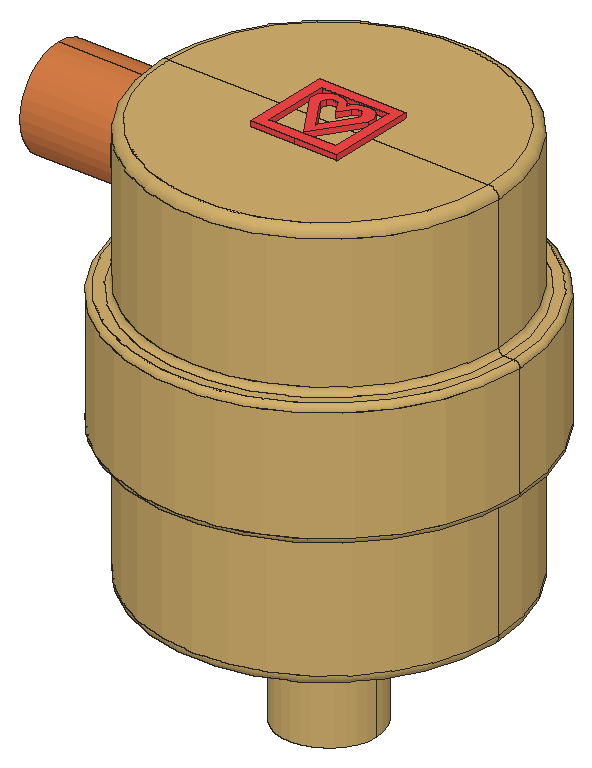
Revit family "Air Release Valve WE 2630 10", category Rohrzubehör, Revit 2018
Family settings
  Bemaßung runder Anschluss = Durchmesser verwenden
  Teiletyp = Normal
  OmniClass-Nummer = 23.65.55.14
  OmniClass-Titel = Valves for Liquid Services
  Arbeitsebenenbasiert = Nein
  Immer vertikal = Ja
  Beim Laden mit Abzugskörper schneiden = Nein
  Gemeinsam genutzt = Nein
Parameters
  Part number [instance] = if(Nennweite = 10.000 mm, 1263010, 0)  # 1263010
  Float ball = "polypropylene"  # constant formula
  SCRNSEQ = "AWI;AWI_TYP=\"1013\";1"
  SCRNCODE = "05;14;01"  # constant formula
  S03 = 24.500 mm  # constant formula
  S02 = 11.000 mm  # constant formula
  S01 = 56.000 mm  # constant formula
  min. Operating temperature = 0 °C  # constant formula
  max. Structual pressure = 1000000.0 Pa  # constant formula
  max. Operating temperature = 110 °C  # constant formula
  URL = "www.herzvalves.com"
  R02 = 0.600 mm  # constant formula
  R01 = 1.000 mm  # constant formula
  Nennweite [instance] = 10.000 mm  # constant formula
  Medium = "heating water quality according to ÖNORM H5195 or VDI-Standard 2035.\r\nthe use of ethylene or propylene glycol in a mixing ratio 25-50% is allowed.\r\nplease refer to manufacturers documentation when using ethylene glycol products for frost and corrosion protection.\r\nthe HERZ air vent is not suitable for usage of aggressive medium (such as: acids, alkalis, combustible and explosive gases..) because it can damage the sealing components."
  max. Operating pressure = 1000000.0 Pa  # constant formula
  L04 = L02 - L03  # 18.800 mm
  L03 = 9.500 mm  # constant formula
  L02 = 28.300 mm  # constant formula
  L01 = 4.000 mm  # constant formula
  Hersteller = "Herz-Armaturen GmbH"  # constant formula
  H08 = H00 - 1.000 mm  # 55.000 mm
  H07 = H00 - 7.500 mm  # 48.500 mm
  H06 = 2.500 mm  # constant formula
  H05 = 9.000 mm  # constant formula
  H04 = 14.500 mm  # constant formula
  H03 = 15.500 mm  # constant formula
  H02 = 13.000 mm  # constant formula
  H01 = 9.500 mm  # constant formula
  H00 = 56.000 mm  # constant formula
  Housing = "forged brass acc. to EN 12165, CW617N"  # constant formula
  G1 [instance] = Nennweite / 2  # 5.000 mm
  Sealing = "EPDM"  # constant formula
  Lid = "forged brass acc. to EN 12165, CW617N"  # constant formula
  D06 = 3.400 mm  # constant formula
  D05 = 5.100 mm  # constant formula
  D04 = 12.500 mm  # constant formula
  D03 = 11.000 mm  # constant formula
  D02 = 20.000 mm  # constant formula
  D01 = 17.800 mm  # constant formula
  External threaded connectors = "acc. to ISO 228"  # constant formula
  Field of application = "HERZ - Air vent is used for venting of the central heating installations.\r\nthe air vent should be placed nearby the boiler or at the highest points of installation.\r\ninstallations must be carried out in such a way that the retention of air bubbles in a certain part of installation is not possible.\r\nbefore usage, unscrew the polypropylene cover cap on the lid for 2 to 3 turns.\r\nin case of uncontrolled medium leakage, tighten the cover cap.\r\nthe air vent must be cleaned or replaced.\r\nwe always recommend to use backflow preventer for easy service and replacement of the air vent.\r\nthe air vents 1 2630 1X have a STOP function that prevents the entry of ambient air into the central heating installation."
  Cover cap = "ABS plastic, red colour"  # constant formula
Reference planes
  plane 1 "Mitte (Vorne/hinten)": y = 0
  plane 2: z = 0
  plane 3 "Mitte (Links/rechts)": x = 0
Forms (mm)
  Revolve 1, solid, material "Messing", detail levels fine
    sketch origin (0, 0, 0) x (1, 0, 0) y (0, 0, 1)
      loop
        line (0, 56) -> (-16.8, 56)
        arc (-16.8, 56) -> (-17.507, 55.707) -> (-17.8, 55) r 1
        line (-17.8, 55) -> (-17.8, 41.1)
        arc (-17.8, 41.1) -> (-17.976, 40.676) -> (-18.4, 40.5) r 0.6
        line (-18.4, 40.5) -> (-19.4, 40.5)
        arc (-19.4, 40.5) -> (-19.824, 40.324) -> (-20, 39.9) r 0.6
        line (-20, 39.9) -> (-20, 28.1)
        arc (-20, 28.1) -> (-19.824, 27.676) -> (-19.4, 27.5) r 0.6
        line (-19.4, 27.5) -> (-18.4, 27.5)
        arc (-18.4, 27.5) -> (-17.976, 27.324) -> (-17.8, 26.9) r 0.6
        line (-17.8, 26.9) -> (-17.8, 14)
        arc (-17.8, 14) -> (-17.507, 13.293) -> (-16.8, 13) r 1
        line (-16.8, 13) -> (-13.8, 13) -> (-9, 9.5) -> (-5, 9.5) -> (-5, 0) -> (0, 0) -> (0, 56)
      axis (0, 56) -> (0, 0)
    angle from 0 to 360
  Revolve 2, solid, material "Messing", detail levels fine
    sketch origin (0, 0, 0) x (1, 0, 0) y (0, 0, 1)
      loop
        line (0, 48.5) -> (0, 51.9) -> (-18.8, 51.9) -> (-18.8, 48.5) -> (0, 48.5)
      axis (-18.8, 48.5) -> (0, 48.5)
    angle from 0 to 360
  Revolve 3, solid, material "Kunststoff-Orange", detail levels fine
    sketch origin (0, 0, 0) x (1, 0, 0) y (0, 0, 1)
      loop
        line (-28.3, 48.5) -> (-18.8, 48.5) -> (-18.8, 53.6) -> (-28.3, 53.6) -> (-28.3, 48.5)
      axis (-28.3, 48.5) -> (-18.8, 48.5)
    angle from 0 to 360
Lines and regions (mm)
  model lines, detail levels coarse+medium
    curve 1: line (0, 0, 56) -> (-12.587, 0, 43.413)
    curve 2: line (0, 0, 56) -> (12.587, 0, 43.413)
    curve 3: circle (0, 0, 31.5) r 11 normal (0, -1, 0)
    curve 4: line (0, 0, 42.5) -> (0, 0, 56)
    curve 5: line (0, 0, 20.5) -> (0, 0, 0)
    curve 6: line (0, 0, 56) -> (0, -12.587, 43.413)
    curve 7: line (0, 0, 56) -> (0, 12.587, 43.413)
    curve 8: circle (0, 0, 31.5) r 11 normal (1, 0, 0)
    curve 9: line (0, 56, 0) -> (-12.587, 43.413, 0)
    curve 10: line (0, 56, 0) -> (12.587, 43.413, 0)
    curve 11: circle (0, 31.5, 0) r 11 normal (0, 0, 1)
    curve 12: line (0, 42.5, 0) -> (0, 56, 0)
    curve 13: line (0, 20.5, 0) -> (0, 0, 0)
Dimensions and locks
  "H02": Revolve 1 sketch curve to Revolve 1 sketch curve
  "H03": Revolve 1 sketch curve to Revolve 1 sketch curve
  "H04": Revolve 1 sketch curve to Revolve 1 sketch curve
  "L01": Revolve 1 sketch curve to Revolve 1 sketch curve  (x2)
  "D01": Revolve 1 sketch curve to Revolve 1 sketch curve  (x2)
  "D02": Revolve 1 sketch curve to Revolve 1 sketch curve
  "H07": Revolve 2 sketch curve to plane 2
  "D06": Revolve 2 sketch curve to Revolve 2 sketch curve
  "L02": plane 3 "Mitte (Links/rechts)" to Revolve 3 sketch curve
  "L03": Revolve 3 sketch curve to Revolve 3 sketch curve
  "D05": Revolve 3 sketch curve to Revolve 3 sketch curve
  "H07": Revolve 3 sketch curve to plane 2
  "L04": plane 3 "Mitte (Links/rechts)" to Revolve 2 sketch curve
  "H08": nested 1 to plane 2
  "G1": Revolve 1 sketch curve to Revolve 1 sketch curve
  "H00": Revolve 1 sketch curve to Revolve 1 sketch curve
  "H01": Revolve 1 sketch curve to Revolve 1 sketch curve
  "S01": curve 2 to plane 2
  "D01": curve 1 to curve 4
  "D01": curve 2 to curve 2
  "S03": curve 4 to curve 3
  "D01": curve 6 to curve 6
  "D01": curve 7 to curve 7
  "S03": curve 7 to curve 8
  "S01": curve 7 to plane 2
  "S01": plane 1 "Mitte (Vorne/hinten)" to curve 12
  "S03": curve 12 to curve 11
  "D01": curve 9 to curve 9
  "D01": curve 10 to curve 10
  "R01": radius of Revolve 1 sketch curve  (x2)
  "R02": radius of Revolve 1 sketch curve  (x4)
  "S02": radius of curve 3
  "S02": radius of curve 8
  "S02": radius of curve 11
  angle curve 1 to curve 4 = 45.00°
  angle curve 4 to curve 2 = 45.00°
  angle curve 6 to plane 1 "Mitte (Vorne/hinten)" = 45.00°
  angle plane 1 "Mitte (Vorne/hinten)" to curve 7 = 45.00°
  angle curve 9 to curve 12 = 45.00°
  angle curve 12 to curve 10 = 45.00°
  aligned and locked: level to plane 2
Automatic sketch dimensions
  curve 7 to plane 1 "Mitte (Vorne/hinten)" = 0.000 mm
  curve 8 to plane 1 "Mitte (Vorne/hinten)" = 0.000 mm
  curve 1 to plane 3 "Mitte (Links/rechts)" = 0.000 mm
  curve 5 to plane 3 "Mitte (Links/rechts)" = 0.000 mm
  curve 3 to plane 3 "Mitte (Links/rechts)" = 0.000 mm
  curve 5 to level = 0.000 mm
  curve 9 to plane 3 "Mitte (Links/rechts)" = 0.000 mm
  curve 13 to plane 3 "Mitte (Links/rechts)" = 0.000 mm
  curve 11 to plane 3 "Mitte (Links/rechts)" = 0.000 mm
  plane 1 "Mitte (Vorne/hinten)" to curve 13 = 0.000 mm
  Revolve 1 sketch curve to level = 0.000 mm
  Revolve 1 sketch curve to plane 3 "Mitte (Links/rechts)" = 0.000 mm
  plane 3 "Mitte (Links/rechts)" to Revolve 1 sketch curve = 0.000 mm
  Revolve 1 sketch curve to Revolve 1 sketch curve = 2000.000 mm
  Revolve 1 sketch curve to Revolve 1 sketch curve = 1932.500 mm
  Revolve 2 sketch curve to plane 3 "Mitte (Links/rechts)" = 0.000 mm  (x2)
  Revolve 2 sketch curve to Revolve 2 sketch curve = 0.000 mm  (x2)
  Revolve 3 sketch curve to Revolve 3 sketch curve = 0.000 mm  (x3)
Nested families
  nested 1: "Herz-Logo" at (0, 0, 55), type "Herz-Logo", detail levels fine
Connectors
  piping at (0, 0, 0), diameter 10, driven by "Nennweite"
    settings: on Revolve 1, index 1, connector inside diameter 609.6 mm, connector length 0.000 mm, flow factor 0, pipe flow 0.0 L/s, pressure drop 0.0 Pa, fitting loss kfactor 0, connector angle 0.00°, fixture units 0, engagement length 0.000 mm, angle of deflection 0.00°, flow configuration 0, flow direction 1, fitting loss method 0, system type 29, joint type 0, gender type 0, connector reference index -1, connector utility 0, adjustable connector no, is connector primary yes, connector description ""
Definition of nested family "Herz-Logo"
  Reference planes
    plane 1 "Mitte (Vorne/hinten)": y = 0
    plane 2: z = 0
    plane 3 "Mitte (Links/rechts)": x = 0
  Forms (mm)
    Extrusion 1, solid
      sketch origin (0, 0, 0) x (1, 0, 0) y (0, 1, 0)
        loop
          line (-0.018, -4.517) -> (4.482, -4.517) -> (4.482, 4.483) -> (-4.518, 4.483) -> (-4.518, -4.517) -> (-0.018, -4.517)
        loop
          line (-0.05, -3.48) -> (3.482, -3.48) -> (3.482, 3.483) -> (-3.518, 3.483) -> (-3.518, -3.48) -> (-0.05, -3.48)
        loop
          arc (-0.018, 2.383) -> (-1.543, 3.287) -> (-3.067, 2.383) r 1.738
          arc (-3.067, 2.383) -> (-3.191, 1.899) -> (-3.067, 1.415) r 1.009
          line (-3.067, 1.415) -> (-0.018, -3.281) -> (3.032, 1.415)
          arc (3.032, 1.415) -> (3.156, 1.899) -> (3.032, 2.383) r 1.009
          arc (3.032, 2.383) -> (1.507, 3.287) -> (-0.018, 2.383) r 1.738
        loop
          arc (1.885, 1.272) -> (2.005, 1.675) -> (1.885, 2.079) r 0.74
          arc (1.885, 2.079) -> (1.265, 2.416) -> (0.644, 2.079) r 0.74
          line (0.644, 2.079) -> (-0.018, 0.97) -> (-0.679, 2.079)
          arc (-0.679, 2.079) -> (-1.3, 2.416) -> (-1.921, 2.079) r 0.74
          arc (-1.921, 2.079) -> (-2.04, 1.675) -> (-1.921, 1.272) r 0.74
          line (-1.921, 1.272) -> (-0.018, -1.658) -> (1.885, 1.272)
      from 0 to 1.5
  Dimensions and locks
    aligned and locked: level to plane 2
